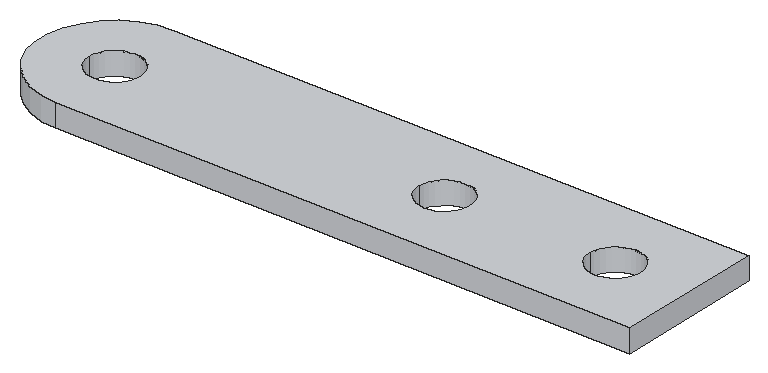
Revit family "Fitting-Flat_Plate-Unistrut-P2324", category Specialty Equipment, Revit 2012
Parameters (values of type "P2324")
  ecoScorecard_data = "http://products.ecoscorecard.com/atkore/P2324"
  ecoScorecard Product Page = "http://products.ecoscorecard.com/atkore/P2324?action=html"
  Weight Per Piece = 0.75 lbf
  Unit = none
  Unistrut Part Number = "P2324"  # constant formula
  URL = "http://unistrut.us/index.php"
  Thickness = 0' - 0 1/4"  # constant formula
  Subcategory = "Flat Plate Fittings"  # constant formula
  Product Page URL = "http://unistrut.us/index.php?WP=cat_detail&S=S05&P=P2324"
  Power Strut Part Number = "PS 617"  # constant formula
  Part Type = "Fitting"  # constant formula
  Overall Width = 0' - 1 5/8"  # constant formula
  Overall Length = 0' - 7 1/8"  # constant formula
  Model = "P2324"  # constant formula
  Material = ""
  Manufacturer Phone - Toll Free = "800-882-5543"  # constant formula
  Manufacturer Phone = "708-339-1610"  # constant formula
  Manufacturer Fax = "708-339-7814"  # constant formula
  Manufacturer Email = "mailto:jshaw@atkore.com"
  Manufacturer Address = "16100 South Lathrop Avenue, Harvey, IL 60426"  # constant formula
  Manufacturer = "Unistrut by Atkore International"  # constant formula
  Load Capacity Note = "Visit the product page for load application and capacity."  # constant formula
  Literature URL = "http://unistrut.us/index.php?WP=LItLibrary"
  Hole Diameter = 0' - 0 9/16"  # constant formula
  Cost Info = "mailto:jshaw@atkore.com"
  CAD URL = "http://unistrut.us/index.php?WP=CAD3d"
  Assembly Code = "D5020100"
  95 CSI = "16070"  # constant formula
  04 CSI = "26 05 48"  # constant formula
Reference planes (in)
  plane 1 "Center (Front/Back)": y = 0
  plane 2: z = 0
  plane 3 "Center (Left/Right)": x = 0
  plane 4: y = 0.8125
  plane 5: y = -0.8125
  plane 6: x = -3.5625
  plane 7: x = 3.5625
  plane 8: z = 0.25
  plane 9: x = 2.75
  plane 10: x = 0.875
  plane 11: x = -2.75
Dimensions and locks (in)
  equal spacing: plane 6, plane 3 "Center (Left/Right)", plane 7
  "Overall Length": plane 6 to plane 7
  equal spacing: plane 4, plane 1 "Center (Front/Back)", plane 5
  "Overall Width": plane 4 to plane 5
  "Thickness": plane 8 to plane 2
  aligned and locked: level to plane 2
  aligned and locked: plane 3 "Center (Left/Right)" to nested 1
  aligned and locked: plane 1 "Center (Front/Back)" to nested 1
  aligned and locked: nested 1 to plane 2
Nested families (in)
  nested 1: "P232" at (0, 0, 0), type "P232"
Definition of nested family "P232"
  Parameters (values of type "P232")
    Width = 0' - 1 5/8"
    Unit = none
    Thickness = 0' - 0 1/4"
    Radiuis = Diameter / 2  # 0' - 0 9/32"
    Length = 0' - 7 1/8"
    Diameter = 0' - 0 9/16"
  Reference planes (in)
    plane 1 "Center (Front/Back)": y = 0
    plane 2: z = 0
    plane 3 "Center (Left/Right)": x = 0
    plane 4: y = 0.8125
    plane 5: y = -0.8125
    plane 6: x = -3.5625
    plane 7: x = 3.5625
    plane 8: z = 0.25
    plane 9: x = -2.75
    plane 10: x = 0.875
  Forms (in)
    Extrusion 1, solid, material <- "Unit"
      sketch origin (0, 0, 0) x (1, 0, 0) y (0, 1, 0)
        loop
          arc (-2.75, 0.8125) -> (-3.5625, 0) -> (-2.75, -0.8125) r 0.8125
          line (-2.75, -0.8125) -> (3.5625, -0.8125) -> (3.5625, 0.8125) -> (-2.75, 0.8125)
        loop
          circle (-2.75, 0) r 0.28125
        loop
          circle (2.75, 0) r 0.28125
        loop
          circle (0.875, 0) r 0.28125
      from 0 to 0.25
  Dimensions and locks (in)
    equal spacing: plane 6, plane 3 "Center (Left/Right)", plane 7
    "Length": plane 6 to plane 7
    equal spacing: plane 4, plane 1 "Center (Front/Back)", plane 5
    "Width": plane 4 to plane 5
    "Thickness": plane 8 to plane 2
    locked: plane 6 to Extrusion 1 sketch curve at 0
    locked: plane 6 to Extrusion 1 sketch curve at 0.8125
    locked: Extrusion 1 sketch curve to plane 7 at 0.8125
    Extrusion 1 sketch curve to Extrusion 1 sketch curve = 0' - 1 7/8"
    plane 9 to plane 10 = 0' - 3 5/8"
    "Radiuis": radius of Extrusion 1 sketch curve  (x3)
    radius of Extrusion 1 sketch curve = 0' - 0 9/32"
    aligned and locked: level to plane 2
    aligned and locked: Extrusion 1 sketch curve to plane 4
    aligned and locked: plane 5 to Extrusion 1 sketch curve
    aligned and locked: plane 7 to Extrusion 1 sketch curve
    aligned and locked: plane 1 "Center (Front/Back)" to Extrusion 1 sketch curve  (x2)
    aligned and locked: Extrusion 1 to level
    aligned and locked: plane 8 to Extrusion 1
  Automatic sketch dimensions
    Extrusion 1 sketch curve to plane 1 "Center (Front/Back)" = 0' - 0"
    Extrusion 1 sketch curve to Extrusion 1 sketch curve = 0' - 0"
